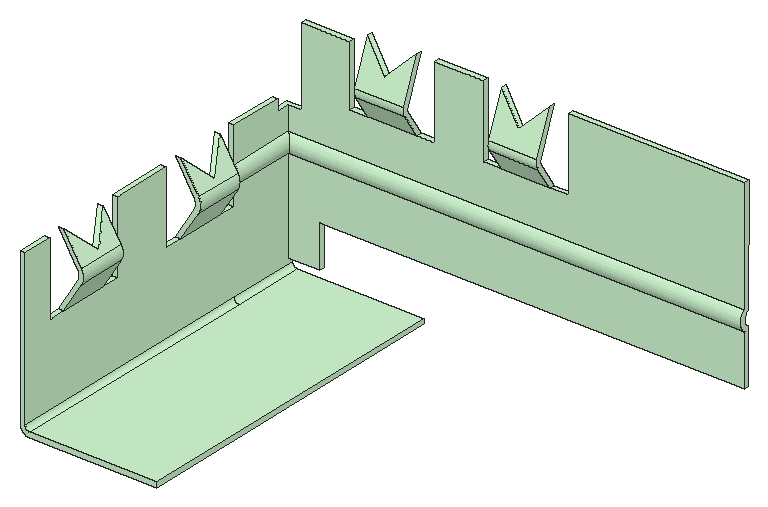
Revit family "25etlcross_h8-el3025_left", category 機械設備, Revit 2022
Family settings
  丸型コネクタ寸法 = 直径を使用
  種別 = なし
  パーツ タイプ = 標準
  作業面ベース = いいえ
  常に垂直 = はい
  ロード時にボイドで切り取り = いいえ
  注釈の向きを維持 = いいえ
  共有 = いいえ
  部屋計算ポイント = いいえ
Parameters
  製造元 = "株式会社桐井製作所"
  既定の高さ = 0 mm
  URL = "https://www.kirii.co.jp/"
  K_材質 = "溶融亜鉛めっき鋼板及び鋼帯 SGCC 一般用"
  K_品名 = "25eTLクロス左 H=8-eL3025(ツメ)"
  K_名称 = "eTLバー"
  K_入数 = "250"
  K_備考 = "対象Tバー:eT4015、eY4815　対象Lバー:eL3025(25面)"
  K_バージョン情報 = "20220411"
  K_めっき付着量 = "Z12"
  K_JIS規格 = "JIS G 3302"
Reference planes
  plane 1 "中心(正面/背面)": y = 0
  plane 2: z = 0
  plane 3 "中心(左/右)": x = 0
Forms (mm)
  Extrusion 1, solid
    sketch origin (0, 0, 0) x (0, 1, 0) y (0, 0, 1)
      loop
        arc (-0.8, 21.181) -> (-1.6, 19.581) -> (-0.8, 17.981) r 2
        line (-0.8, 17.981) -> (-0.8, 0) -> (0, 0) -> (0, 18.45)
        arc (0, 18.45) -> (-0.8, 19.581) -> (0, 20.713) r 1.2
        line (0, 20.713) -> (0, 40) -> (-0.8, 40) -> (-0.8, 21.181)
    from 0.8 to 76
  Extrusion 2, void
    sketch origin (0, 0, 0) x (1, 0, 0) y (0, 0, 1)
      loop
        line (0.8, 40) -> (0.8, 25.05) -> (3, 25.05) -> (3, 38) -> (11, 38) -> (11, 28) -> (25, 28) -> (25, 40) -> (0.8, 40)
    from 0 to 0.8
  Extrusion 3, void
    sketch origin (0, 0, 0) x (1, 0, 0) y (0, 0, 1)
      loop
        line (33, 28) -> (47, 28) -> (47, 40) -> (33, 40) -> (33, 28)
    from 0 to 0.8
  Extrusion 4, void
    sketch origin (0, 0, 0) x (1, 0, 0) y (0, 0, 1)
      loop
        line (6, 9.5) -> (6, 2.5) -> (0, 2.5) -> (0, 0) -> (76, 0) -> (76, 9.5) -> (6, 9.5)
    from 0 to 0.8
  Extrusion 5, void
    sketch origin (-22, -1.6, 0) x (1, 0, 0) y (0, 0, -1)
      loop
        line (44, -40) -> (40, -36) -> (36, -40) -> (44, -40)
    from -0.873 to 1.6
  Extrusion 6, void
    sketch origin (0, -1.6, 0) x (1, 0, 0) y (0, 0, -1)
      loop
        line (44, -40) -> (40, -36) -> (36, -40) -> (44, -40)
    from -0.873 to 1.6
  Extrusion 7, solid
    sketch origin (-22, -0.8, 0) x (0, -1, 0) y (0, 0, -1)
      loop
        line (2.069, -32.596) -> (-0.8, -40) -> (0, -40) -> (2.676, -33.237)
        arc (2.676, -33.237) -> (2.766, -32.496) -> (2.511, -31.794) r 1.6
        line (2.511, -31.794) -> (0, -28) -> (-0.8, -28) -> (2.069, -32.596)
    from 36 to 44
  Extrusion 8, solid
    sketch origin (0, -0.8, 0) x (0, -1, 0) y (0, 0, -1)
      loop
        line (2.069, -32.596) -> (-0.8, -40) -> (0, -40) -> (2.676, -33.237)
        arc (2.676, -33.237) -> (2.766, -32.496) -> (2.511, -31.794) r 1.6
        line (2.511, -31.794) -> (0, -28) -> (-0.8, -28) -> (2.069, -32.596)
    from 36 to 44
  Extrusion 9, void
    sketch origin (0, -54.2, 0) x (0, 1, 0) y (0, 0, 1)
      loop
        line (42.2, 15) -> (42.2, 27) -> (28.2, 27) -> (28.2, 15) -> (42.2, 15)
    from 0 to 0.8
  Extrusion 10, solid
    sketch origin (0, -54.2, 0) x (1, 0, 0) y (0, 0, 1)
      loop
        line (0.8, 27) -> (0, 27) -> (0, 1.6)
        arc (0, 1.6) -> (0.469, 0.469) -> (1.6, 0) r 1.6
        line (1.6, 0) -> (22.5, 0) -> (22.5, 0.8) -> (1.6, 0.8)
        arc (1.6, 0.8) -> (1.034, 1.034) -> (0.8, 1.6) r 0.8
        line (0.8, 1.6) -> (0.8, 27)
    from -42.2 to 0.8
  Extrusion 11, void
    sketch origin (0, -68.2, 0) x (0, 1, 0) y (0, 0, 1)
      loop
        line (32.2, 15) -> (32.2, 27) -> (18.2, 27) -> (18.2, 15) -> (32.2, 15)
    from 0 to 0.8
  Extrusion 12, solid
    sketch origin (0, -11.2, 0) x (1, 0, 0) y (0, 0, 1)
      loop
        arc (1.6, 0.8) -> (1.034, 1.034) -> (0.8, 1.6) r 0.8
        line (0.8, 1.6) -> (0.8, 17.981)
        arc (0.8, 17.981) -> (1.6, 19.581) -> (0.8, 21.181) r 2
        line (0.8, 21.181) -> (0.8, 27) -> (0, 27) -> (0, 20.713)
        arc (0, 20.713) -> (0.8, 19.581) -> (0, 18.45) r 1.2
        line (0, 18.45) -> (0, 1.6)
        arc (0, 1.6) -> (0.469, 0.469) -> (1.6, 0) r 1.6
        line (1.6, 0) -> (22.5, 0) -> (22.5, 0.8) -> (1.6, 0.8)
    from -11.2 to 0.8
  Extrusion 13, solid
    sketch origin (0, -61.2, -5) x (1, 0, 0) y (0, 0, 1)
      loop
        line (3.756, 27.207) -> (0.8, 32) -> (0, 32) -> (3.075, 26.787)
        arc (3.075, 26.787) -> (3.298, 26) -> (3.075, 25.213) r 1.5
        line (3.075, 25.213) -> (0, 20) -> (0.8, 20) -> (3.756, 24.793)
        arc (3.756, 24.793) -> (4.098, 26) -> (3.756, 27.207) r 2.3
    from -22.2 to -14.2
  Extrusion 14, solid
    sketch origin (0, -37.169, -5) x (1, 0, 0) y (0, 0, 1)
      loop
        line (3.756, 27.207) -> (0.8, 32) -> (0, 32) -> (3.075, 26.787)
        arc (3.075, 26.787) -> (3.298, 26) -> (3.075, 25.213) r 1.5
        line (3.075, 25.213) -> (0, 20) -> (0.8, 20) -> (3.756, 24.793)
        arc (3.756, 24.793) -> (4.098, 26) -> (3.756, 27.207) r 2.3
    from -22.2 to -14.2
  Extrusion 15, void
    sketch origin (0, -37.169, -5) x (0, 1, 0) y (0, 0, 1)
      loop
        line (22.2, 32) -> (14.2, 32) -> (18.2, 28) -> (22.2, 32)
    from 0 to 3.257
  Extrusion 16, void
    sketch origin (0, -61.2, -5) x (0, 1, 0) y (0, 0, 1)
      loop
        line (22.2, 32) -> (14.2, 32) -> (18.2, 28) -> (22.2, 32)
    from 0 to 3.257
  Extrusion 17, void
    sketch origin (0, 0, 0) x (0, 1, 0) y (0, 0, 1)
      loop
        line (-3, 25) -> (0, 25) -> (0, 27) -> (-3, 27) -> (-3, 25)
    from 0 to 0.8
  Extrusion 18, void
    sketch origin (0, 0, 0) x (0, 1, 0) y (0, 0, 1)
      loop
        line (0, 18.45) -> (0, 20.713)
        arc (0, 20.713) -> (-0.8, 19.581) -> (0, 18.45) r 1.2
    from 0 to 1.646
Cuts and joins
  Extrusion 2, Extrusion 3, Extrusion 4, Extrusion 5, Extrusion 6, Extrusion 17, Extrusion 18 cuts Extrusion 1
  Extrusion 5, Extrusion 17 cuts Extrusion 7
  Extrusion 6, Extrusion 17 cuts Extrusion 8
  Extrusion 9, Extrusion 11, Extrusion 17 cuts Extrusion 10
  Extrusion 17, Extrusion 18 cuts Extrusion 12
  Extrusion 16, Extrusion 17 cuts Extrusion 13
  Extrusion 15, Extrusion 17 cuts Extrusion 14
  joined: Extrusion 1, Extrusion 7, Extrusion 8, Extrusion 10, Extrusion 12, Extrusion 13, Extrusion 14
Dimensions and locks
  aligned and locked: level to plane 2
